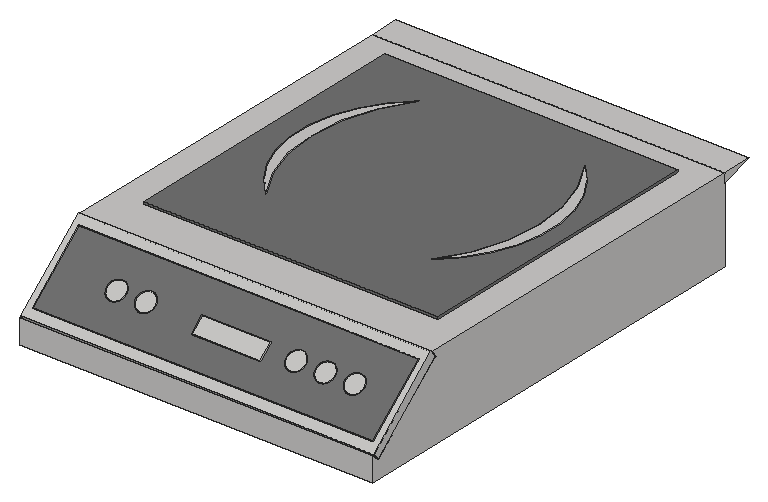
Revit family "QF_Vollrath 59300", category Specialty Equipment, Revit 2016
Family settings
  Part Type = Normal
  Round Connector Dimension = Use Diameter
  OmniClass Number = 23.40.40.14.17.14
  OmniClass Title = Hot Plates
  Work Plane-Based = No
  Always vertical = Yes
  Cut with Voids When Loaded = No
  Shared = No
  Room Calculation Point = No
Parameters (values of type "59300")
  Width = 12.00"
  Weight in Pounds = 10
  Watts = 1800 W
  Watermarked By = "http://revitwatermark.com"
  Volts = 120 V
  URL Cutsheet = ""
  URL = "www.vollrathco.com"
  Status [instance] = ""
  Specification by User [instance] = ""
  Specification by Manufacturer = ""
  Serial Number [instance] = ""
  Seismic Rating [instance] = ""
  Revision Code [instance] = ""
  Phase = 1
  Number of Poles [instance] = 1
  NAFEM Spec ID Number [instance] = ""
  Model = "59300"
  Masterspec = ""
  Manufacturer = "Vollrath"
  Leg Height [instance] = 0.25"
  Item Number [instance] = ""
  Installed By [instance] = ""
  Height AFF [instance] = 36.00"
  Height [instance] = 3.125"
  Furnished By [instance] = ""
  Foodservice Equipment Identifier [instance] = yes
  FL Amps = 15 A
  Electrical Remarks [instance] = ""
  Electric Connection Type [instance] = ""
  Elec Conn Connection Height [instance] = Height AFF + 2.00"  # 38.00"
  Description = "Induction Range, Countertop"
  Depth = 16.00"
  Cycle = 60 Hz
  Conn Plug = "NEMA 5-15P"
  CSI MasterFormat = "11 42 13"
  Assembly Code = "E1090320"
  Apparent Power = if(Phase = 3, Volts * FL Amps * 1.73, Volts * FL Amps)  # 1800 VA
Reference planes (in)
  plane 1: z = 0
  plane 2 "LEFT": x = 48.38
  plane 3 "BACK": y = -49.12
  plane 4 "BOTTOM": z = 36
  plane 5 "RIGHT": x = 60.38
  plane 6 "FRONT": y = -64.12
  plane 7 "TOP": z = 39.125
  plane 8: z = 36.25
  plane 9: y = -49.12
  plane 10: x = 49.38
  plane 11: x = 59.38
  plane 12: y = -63.12
  plane 13: z = 38.33039
  plane 14: y = -48.12
  plane 15: y = -61.5
  plane 16: z = 36.75
  plane 17: x = 59.63
  plane 18: y = -44.12
  plane 19: z = 39.19916
Forms (in)
  Extrusion 1, solid, material "QF_Finishes_Stainless Steel"
    sketch origin (48.38, 0, 0) x (0, 1, 0) y (0, 0, 1)
      loop
        line (-61.245, 39.125) -> (-61.245, 36.25) -> (-49.12, 36.25) -> (-49.12, 39.125) -> (-61.245, 39.125)
    from 0 to 12
  Extrusion 2, solid, material "QF_Finishes_Stainless Steel"
    sketch origin (0, -0.48296, 0) x (1, 0, 0) y (0, 1, 0)
      loop
        circle (49.38, -49.12) r 0.25
    from 36 to 36.25
  Extrusion 3, solid, material "QF_Finishes_Stainless Steel"
    sketch origin (10.12941, -0.48296, 0) x (1, 0, 0) y (0, 1, 0)
      loop
        circle (49.38, -49.12) r 0.25
    from 36 to 36.25
  Extrusion 4, solid, material "QF_Finishes_Stainless Steel"
    sketch origin (10.14941, -14, 0) x (1, 0, 0) y (0, 1, 0)
      loop
        circle (49.38, -49.12) r 0.25
    from 36 to 36.25
  Extrusion 5, solid, material "QF_Finishes_Stainless Steel"
    sketch origin (0, -14, 0) x (1, 0, 0) y (0, 1, 0)
      loop
        circle (49.38, -49.12) r 0.25
    from 36 to 36.25
  Extrusion 6, void
    sketch origin (0, 0, 0) x (1, 0, 0) y (0, 1, 0)
      loop
        line (49.38, -49.8642) -> (49.38, -60.10178) -> (59.38, -60.10178) -> (59.38, -49.8642) -> (49.38, -49.8642)
    from 38.33039 to 28.625
  Extrusion 7, solid, material "QF_Finishes_Dark Grey"
    sketch origin (0, 0, 0) x (1, 0, 0) y (0, 1, 0)
      loop
        line (59.38, -49.8642) -> (49.38, -49.8642) -> (49.38, -60.10178) -> (59.38, -60.10178) -> (59.38, -49.8642)
      loop
        arc (51.66558, -57.76405) -> (50.61588, -54.51405) -> (51.66558, -51.26405) r 5.55606
        arc (51.66558, -51.26405) -> (50.19013, -54.51405) -> (51.66558, -57.76405) r 4.31714
      loop
        arc (57.31071, -57.76405) -> (58.78616, -54.51405) -> (57.31071, -51.26405) r 4.31714
        arc (57.31071, -51.26405) -> (58.3604, -54.51405) -> (57.31071, -57.76405) r 5.55606
    from 38.33039 to 39.19916
  Extrusion 8, solid, material "QF_Finishes_Stainless Steel"
    sketch origin (0, 0, 0) x (1, 0, 0) y (0, 1, 0)
      loop
        arc (51.66558, -57.76405) -> (50.61588, -54.51405) -> (51.66558, -51.26405) r 5.55606
        arc (51.66558, -51.26405) -> (50.19013, -54.51405) -> (51.66558, -57.76405) r 4.31714
      loop
        arc (57.31071, -57.76405) -> (58.78616, -54.51405) -> (57.31071, -51.26405) r 4.31714
        arc (57.31071, -51.26405) -> (58.3604, -54.51405) -> (57.31071, -57.76405) r 5.55606
    from 38.33039 to 39.19916
  Extrusion 9, solid, material "QF_Finishes_Stainless Steel"
    sketch origin (48.38, 0, 0) x (0, 1, 0) y (0, 0, 1)
      loop
        line (-64.12, 36.25) -> (-61.245, 36.25) -> (-61.245, 39.125) -> (-61.60957, 39.125) -> (-61.41919, 38.8899) -> (-63.91495, 36.86887) -> (-64.12, 37.07393) -> (-64.12, 36.25)
    from 0 to 12
  Extrusion 10, solid, material "QF_Finishes_Stainless Steel"
    sketch origin (0, -73.94874, 7.66231) x (1, 0, 0) y (0, 0.762048, 0.647521)
      loop
        line (48.38, 29.78803) -> (48.38, 26.57393) -> (60.38, 26.57393) -> (60.38, 29.78803) -> (48.38, 29.78803)
      loop
        line (48.57031, 29.4729) -> (48.57031, 26.90016) -> (60.1637, 26.90016) -> (60.1637, 29.4729) -> (48.57031, 29.4729)
    from 15.75624 to 16.04533
  Extrusion 11, solid, material "QF_Finishes_Dark Grey"
    sketch origin (20, -79.4147, 4.93739) x (1, 0, 0) y (0, 0.766044, 0.642788)
      loop
        line (28.57031, 32.73894) -> (40.1637, 32.73894) -> (40.1637, 35.31163) -> (28.57031, 35.31163) -> (28.57031, 32.73894)
      loop
        line (33.4252, 34.25562) -> (33.4252, 33.65796) -> (35.76987, 33.65796) -> (35.76987, 34.25562) -> (33.4252, 34.25562)
      loop
        circle (36.7583, 34.02575) r 0.32508
      loop
        circle (37.7583, 34.02575) r 0.32508
      loop
        circle (38.7583, 34.02575) r 0.32508
      loop
        circle (30.64379, 34.02575) r 0.32508
      loop
        circle (31.64379, 34.02575) r 0.32508
    from 14.49145 to 14.78939
  Extrusion 12, solid, material "QF_Finishes_Stainless Steel"
    sketch origin (20, -79.4147, 4.93739) x (1, 0, 0) y (0, 0.766044, 0.642788)
      loop
        circle (30.64379, 34.02575) r 0.32508
      loop
        circle (31.64379, 34.02575) r 0.32508
      loop
        line (33.4252, 34.25562) -> (33.4252, 33.65796) -> (35.76987, 33.65796) -> (35.76987, 34.25562) -> (33.4252, 34.25562)
      loop
        circle (36.7583, 34.02575) r 0.32508
      loop
        circle (37.7583, 34.02575) r 0.32508
      loop
        circle (38.7583, 34.02575) r 0.32508
    from 14.49145 to 14.78939
  Extrusion 13, solid, material "QF_Finishes_Stainless Steel", not visible
    sketch origin (0, -73.94874, -2.83769) x (1, 0, 0) y (0, 0.762048, 0.647521)
      loop
        line (48.38, 29.78803) -> (48.38, 26.57393) -> (60.38, 26.57393) -> (60.38, 29.78803) -> (48.38, 29.78803)
      loop
        line (48.57031, 29.4729) -> (48.57031, 26.90016) -> (60.1637, 26.90016) -> (60.1637, 29.4729) -> (48.57031, 29.4729)
    from 15.75624 to 16.04533
  Extrusion 14, solid, material "QF_Finishes_Dark Grey", not visible
    sketch origin (20, -79.4147, -5.56261) x (1, 0, 0) y (0, 0.766044, 0.642788)
      loop
        line (28.57031, 32.73894) -> (40.1637, 32.73894) -> (40.1637, 35.31163) -> (28.57031, 35.31163) -> (28.57031, 32.73894)
      loop
        line (33.4252, 34.25562) -> (33.4252, 33.65796) -> (35.76987, 33.65796) -> (35.76987, 34.25562) -> (33.4252, 34.25562)
      loop
        circle (36.7583, 34.02575) r 0.32508
      loop
        circle (37.7583, 34.02575) r 0.32508
      loop
        circle (38.7583, 34.02575) r 0.32508
      loop
        circle (30.64379, 34.02575) r 0.32508
      loop
        circle (31.64379, 34.02575) r 0.32508
    from 14.49145 to 14.78939
  Extrusion 15, solid, material "QF_Finishes_Stainless Steel", not visible
    sketch origin (20, -79.4147, -5.56261) x (1, 0, 0) y (0, 0.766044, 0.642788)
      loop
        circle (30.64379, 34.02575) r 0.32508
      loop
        circle (31.64379, 34.02575) r 0.32508
      loop
        line (33.4252, 34.25562) -> (33.4252, 33.65796) -> (35.76987, 33.65796) -> (35.76987, 34.25562) -> (33.4252, 34.25562)
      loop
        circle (36.7583, 34.02575) r 0.32508
      loop
        circle (37.7583, 34.02575) r 0.32508
      loop
        circle (38.7583, 34.02575) r 0.32508
    from 14.49145 to 14.78939
  Extrusion 16, solid, material "QF_Finishes_Stainless Steel"
    sketch origin (48.38, 0, 0) x (0, 1, 0) y (0, 0, 1)
      loop
        line (-49.12, 39.125) -> (-49.12, 38.81927) -> (-48.12, 39.125) -> (-49.12, 39.125)
    from 0 to 12
  Extrusion 17, solid, material "QF_Finishes_Stainless Steel"
    sketch origin (0, -49.12, 0) x (1, 0, 0) y (0, 0, 1)
      loop
        circle (59.63, 36.75) r 0.25
    from 0 to -0.22632
  Extrusion 18, solid, material "QF_Finishes_Clearances", detail levels coarse
    sketch origin (0, 0, 0) x (1, 0, 0) y (0, 1, 0)
      loop
        line (48.38, -44.12) -> (48.38, -48.12) -> (60.38, -48.12) -> (60.38, -44.12) -> (48.38, -44.12)
    from 36 to 39.125
Cuts and joins
  Extrusion 6 cuts Extrusion 1
  joined: Extrusion 1, Extrusion 9
Lines and regions (in)
  symbolic lines
    curve 1: line (60.38, -49.12, 0) -> (48.38, -49.12, 0)
    curve 2: line (48.38, -49.12, 0) -> (48.38, -64.12, 0)
    curve 3: line (49.38, -49.8642, 0) -> (49.38, -60.10178, 0)
    curve 4: line (59.38, -49.8642, 0) -> (49.38, -49.8642, 0)
    curve 5: line (59.38, -60.10178, 0) -> (59.38, -49.8642, 0)
    curve 6: arc (57.31071, -51.26405, 0) -> (58.3604, -54.51405, 0) -> (57.31071, -57.76405, 0) r 5.55606
    curve 7: arc (57.31071, -57.76405, 0) -> (58.78616, -54.51405, 0) -> (57.31071, -51.26405, 0) r 4.31714
    curve 8: arc (51.66558, -57.76405, 0) -> (50.61588, -54.51405, 0) -> (51.66558, -51.26405, 0) r 5.55606
    curve 9: arc (51.66558, -51.26405, 0) -> (50.19013, -54.51405, 0) -> (51.66558, -57.76405, 0) r 4.31714
    curve 10: line (49.38, -60.10178, 0) -> (59.38, -60.10178, 0)
    curve 11: line (60.38, -64.12, 0) -> (60.38, -49.12, 0)
    curve 12: line (60.38, -61.63854, 0) -> (48.38, -61.63854, 0)
    curve 13: line (48.38, -64.12, 0) -> (60.38, -64.12, 0)
    curve 14: line (48.38, -48.12, 0) -> (48.38, -49.12, 0)
    curve 15: line (60.38, -49.12, 0) -> (60.38, -48.12, 0)
    curve 16: line (60.38, -48.12, 0) -> (48.38, -48.12, 0)
Dimensions and locks (in)
  "Height AFF": plane 4 "BOTTOM" to level
  "Height": plane 7 "TOP" to plane 4 "BOTTOM"
  "Leg Height": plane 8 to plane 4 "BOTTOM"
  "Width": plane 2 "LEFT" to plane 5 "RIGHT"
  plane 3 "BACK" to plane 9 = 0.00"
  plane 12 to plane 6 "FRONT" = 1.00"
  plane 2 "LEFT" to plane 10 = 1.00"
  plane 11 to plane 5 "RIGHT" = 1.00"
  locked: plane 7 "TOP" to Extrusion 11 at 0.38864
  locked: plane 7 "TOP" to plane 13 at 0.79461
  locked: plane 8 to plane 16 at 0.5
  locked: plane 18 to plane 14 at 4
  "Depth": plane 14 to plane 6 "FRONT"
  locked: plane 19 to plane 7 "TOP" at 0.07416
  aligned and locked: level to plane 1
  aligned and locked: plane 8 to Extrusion 4
  aligned and locked: Extrusion 4 to plane 4 "BOTTOM"
  aligned and locked: plane 8 to Extrusion 5
  aligned and locked: Extrusion 5 to plane 4 "BOTTOM"
  aligned and locked: plane 8 to Extrusion 3
  aligned and locked: Extrusion 3 to plane 4 "BOTTOM"
  aligned and locked: plane 8 to Extrusion 2
  aligned and locked: Extrusion 2 to plane 4 "BOTTOM"
  aligned and locked: plane 7 "TOP" to Extrusion 1
  aligned and locked: Extrusion 1 to plane 8
  aligned: plane 7 "TOP" to Extrusion 7
  aligned and locked: Extrusion 7 to plane 13
  aligned and locked: cut or joined group of Extrusion 1, Extrusion 6, Extrusion 9 to plane 13
  aligned: plane 7 "TOP" to Extrusion 8
  aligned and locked: Extrusion 8 to cut or joined group of Extrusion 1, Extrusion 6, Extrusion 9
  aligned and locked: plane 7 "TOP" to Extrusion 16
  aligned and locked: plane 3 "BACK" to Extrusion 16
  aligned and locked: plane 2 "LEFT" to Extrusion 18 sketch curve
  aligned and locked: Extrusion 18 sketch curve to Extrusion 16  (x2)
  aligned and locked: plane 7 "TOP" to Extrusion 18
  aligned and locked: Extrusion 18 to plane 4 "BOTTOM"
  aligned and locked: plane 7 "TOP" to cut or joined group of Extrusion 1, Extrusion 6, Extrusion 9
  aligned and locked: plane 13 to Extrusion 7
  aligned: Extrusion 8 to plane 7 "TOP"
  aligned and locked: plane 13 to Extrusion 8
  aligned and locked: plane 19 to Extrusion 7
  aligned and locked: Extrusion 7 to Extrusion 8
Automatic sketch dimensions
  Extrusion 1 sketch curve to plane 7 "TOP" = 0.00"
  Extrusion 1 sketch curve to plane 8 = 0.00"
  Extrusion 1 sketch curve to plane 3 "BACK" = 0.00"
  plane 12 to Extrusion 1 sketch curve = 1.875"
  Extrusion 2 sketch curve to plane 9 = 0.48296"
  plane 10 to Extrusion 2 sketch curve = 0.00"
  Extrusion 3 sketch curve to plane 9 = 0.48296"
  plane 11 to Extrusion 3 sketch curve = 0.12941"
  plane 11 to Extrusion 4 sketch curve = 0.14941"
  Extrusion 4 sketch curve to plane 12 = 0.00"
  Extrusion 5 sketch curve to plane 10 = 0.00"
  Extrusion 5 sketch curve to plane 12 = 0.00"
  Extrusion 6 sketch curve to plane 10 = 0.00"
  Extrusion 6 sketch curve to plane 11 = 0.00"
  Extrusion 6 sketch curve to plane 9 = 0.7442"
  plane 12 to Extrusion 6 sketch curve = 3.01822"
  Extrusion 7 sketch curve to plane 9 = 0.7442"
  Extrusion 7 sketch curve to plane 10 = 0.00"
  Extrusion 7 sketch curve to plane 11 = 0.00"
  plane 10 to Extrusion 7 sketch curve = 2.28558"  (x2)
  plane 10 to Extrusion 7 sketch curve = 3.42434"
  Extrusion 7 sketch curve to Extrusion 7 sketch curve = 1.66467"  (x2)
  Extrusion 7 sketch curve to Extrusion 7 sketch curve = 0.03825"
  Extrusion 7 sketch curve to plane 11 = 2.06929"  (x2)
  Extrusion 7 sketch curve to plane 9 = 2.14405"  (x2)
  Extrusion 7 sketch curve to Extrusion 7 sketch curve = 3.25"
  Extrusion 7 sketch curve to Extrusion 7 sketch curve = 0.00"
  plane 12 to Extrusion 7 sketch curve = 3.01822"
  plane 10 to Extrusion 8 sketch curve = 2.28558"  (x2)
  plane 10 to Extrusion 8 sketch curve = 3.42434"
  Extrusion 8 sketch curve to Extrusion 8 sketch curve = 1.66467"  (x2)
  Extrusion 8 sketch curve to Extrusion 8 sketch curve = 0.03825"
  Extrusion 8 sketch curve to plane 11 = 2.06929"  (x2)
  plane 12 to Extrusion 8 sketch curve = 5.35595"  (x2)
  Extrusion 8 sketch curve to Extrusion 8 sketch curve = 3.25"
  Extrusion 8 sketch curve to Extrusion 8 sketch curve = 0.00"
  Extrusion 9 sketch curve to plane 6 "FRONT" = 0.00"
  Extrusion 9 sketch curve to plane 7 "TOP" = 0.00"
  Extrusion 9 sketch curve to plane 8 = 0.00"
  plane 6 "FRONT" to Extrusion 9 sketch curve = 0.20505"
  plane 12 to Extrusion 9 sketch curve = 1.51043"
  Extrusion 9 sketch curve to plane 7 "TOP" = 0.2351"
  Extrusion 9 sketch curve to Extrusion 9 sketch curve = 0.19038"
  Extrusion 9 sketch curve to Extrusion 9 sketch curve = 0.17419"
  Extrusion 9 sketch curve to Extrusion 9 sketch curve = 0.20505"
  Extrusion 10 sketch curve to Extrusion 10 sketch curve = 0.19031"
  Extrusion 10 sketch curve to Extrusion 10 sketch curve = 0.2163"
  Extrusion 10 sketch curve to Extrusion 10 sketch curve = 0.32623"
  Extrusion 10 sketch curve to Extrusion 10 sketch curve = 2.57274"
  Extrusion 10 sketch curve to Extrusion 10 sketch curve = 0.31513"
  Extrusion 11 sketch curve to Extrusion 11 sketch curve = 2.07348"
  Extrusion 11 sketch curve to Extrusion 11 sketch curve = 1.00"  (x3)
  Extrusion 11 sketch curve to Extrusion 11 sketch curve = 1.78141"
  Extrusion 11 sketch curve to Extrusion 11 sketch curve = 2.34466"
  Extrusion 11 sketch curve to Extrusion 11 sketch curve = 0.98844"
  Extrusion 11 sketch curve to Extrusion 11 sketch curve = 1.40539"
  Extrusion 11 sketch curve to Extrusion 11 sketch curve = 0.91902"
  Extrusion 11 sketch curve to Extrusion 11 sketch curve = 0.36779"
  Extrusion 11 sketch curve to Extrusion 11 sketch curve = 1.28681"
  Extrusion 11 sketch curve to Extrusion 11 sketch curve = 0.00"  (x3)
  Extrusion 11 sketch curve to Extrusion 11 sketch curve = 0.59766"
  Extrusion 11 sketch curve to Extrusion 11 sketch curve = 1.28588"
  Extrusion 12 sketch curve to Extrusion 12 sketch curve = 0.32508"  (x5)
  Extrusion 12 sketch curve to Extrusion 12 sketch curve = 0.34983"  (x3)
  Extrusion 12 sketch curve to Extrusion 12 sketch curve = 1.45633"
  Extrusion 12 sketch curve to Extrusion 12 sketch curve = 2.34466"
  Extrusion 12 sketch curve to Extrusion 12 sketch curve = 0.66335"
  Extrusion 12 sketch curve to Extrusion 12 sketch curve = 0.36779"  (x3)
  Extrusion 12 sketch curve to Extrusion 12 sketch curve = 0.00"  (x12)
  Extrusion 12 sketch curve to Extrusion 12 sketch curve = 0.59766"
  Extrusion 10 sketch curve to Extrusion 10 sketch curve = 11.59339"
  Extrusion 13 sketch curve to Extrusion 13 sketch curve = 0.19031"
  Extrusion 13 sketch curve to Extrusion 13 sketch curve = 0.2163"
  Extrusion 13 sketch curve to Extrusion 13 sketch curve = 0.32623"
  Extrusion 13 sketch curve to Extrusion 13 sketch curve = 2.57274"
  Extrusion 13 sketch curve to Extrusion 13 sketch curve = 0.31513"
  Extrusion 14 sketch curve to Extrusion 14 sketch curve = 2.07348"
  Extrusion 14 sketch curve to Extrusion 14 sketch curve = 1.00"  (x3)
  Extrusion 14 sketch curve to Extrusion 14 sketch curve = 1.78141"
  Extrusion 14 sketch curve to Extrusion 14 sketch curve = 2.34466"
  Extrusion 14 sketch curve to Extrusion 14 sketch curve = 0.98844"
  Extrusion 14 sketch curve to Extrusion 14 sketch curve = 1.40539"
  Extrusion 14 sketch curve to Extrusion 14 sketch curve = 0.91902"
  Extrusion 14 sketch curve to Extrusion 14 sketch curve = 0.36779"
  Extrusion 14 sketch curve to Extrusion 14 sketch curve = 1.28681"
  Extrusion 14 sketch curve to Extrusion 14 sketch curve = 0.00"  (x3)
  Extrusion 14 sketch curve to Extrusion 14 sketch curve = 0.59766"
  Extrusion 14 sketch curve to Extrusion 14 sketch curve = 1.28588"
  Extrusion 15 sketch curve to Extrusion 15 sketch curve = 0.32508"  (x5)
  Extrusion 15 sketch curve to Extrusion 15 sketch curve = 0.34983"  (x3)
  Extrusion 15 sketch curve to Extrusion 15 sketch curve = 1.45633"
  Extrusion 15 sketch curve to Extrusion 15 sketch curve = 2.34466"
  Extrusion 15 sketch curve to Extrusion 15 sketch curve = 0.66335"
  Extrusion 15 sketch curve to Extrusion 15 sketch curve = 0.36779"  (x3)
  Extrusion 15 sketch curve to Extrusion 15 sketch curve = 0.00"  (x12)
  Extrusion 15 sketch curve to Extrusion 15 sketch curve = 0.59766"
  Extrusion 13 sketch curve to Extrusion 13 sketch curve = 11.59339"
  Extrusion 16 sketch curve to plane 3 "BACK" = 0.00"
  plane 7 "TOP" to Extrusion 16 sketch curve = 0.00"
  plane 14 to Extrusion 16 sketch curve = 0.00"
  Extrusion 16 sketch curve to plane 7 "TOP" = 0.30573"
  Extrusion 17 sketch curve to plane 16 = 0.00"
  Extrusion 17 sketch curve to plane 17 = 0.00"
  curve 1 to plane 2 "LEFT" = 0.00"
  curve 3 to plane 10 = 0.00"
  curve 5 to plane 11 = 0.00"
  curve 12 to plane 5 "RIGHT" = 0.00"
  curve 13 to plane 6 "FRONT" = 0.00"
  plane 3 "BACK" to curve 2 = 0.00"
  curve 15 to plane 14 = 0.00"
  plane 10 to curve 9 = 2.28558"  (x2)
  plane 10 to curve 6 = 3.42434"
  curve 6 to curve 7 = 1.66467"
  curve 7 to curve 9 = 0.03825"
  curve 9 to curve 8 = 1.66467"
  curve 7 to plane 11 = 2.06929"
  curve 6 to plane 11 = 2.06929"
  curve 12 to plane 15 = 0.13854"
  plane 15 to curve 3 = 1.39822"
  curve 3 to curve 9 = 2.33772"
  curve 5 to curve 6 = 2.33772"
  curve 6 to curve 9 = 3.25"
  curve 7 to curve 9 = 0.00"
  plane 3 "BACK" to curve 4 = 0.7442"
  Extrusion 18 sketch curve to plane 18 = 0.00"
  radius of Extrusion 2 sketch curve = 0.25"
  radius of Extrusion 3 sketch curve = 0.25"
  radius of Extrusion 4 sketch curve = 0.25"
  radius of Extrusion 5 sketch curve = 0.25"
  radius of Extrusion 11 sketch curve = 0.32508"  (x5)
  radius of Extrusion 14 sketch curve = 0.32508"  (x5)
  radius of Extrusion 17 sketch curve = 0.25"
Connectors (in)
  electrical at (59.63, -48.89368, 36.75), driven by "Number of Poles", driven by "Volts", driven by "Apparent Power"
    settings: on Extrusion 17, index 1, voltage 120 V, apparent load 1800 VA, apparent load phase1 0 VA, apparent load phase2 0 VA, apparent load phase3 0 VA, power factor 1, load classification "Other", number of poles 1, system type 30, power factor state 1, is connector primary yes, connector utility no, sub classification motor no, connector description "Electric Connection"
